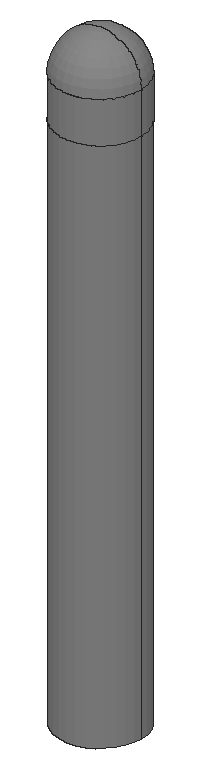
Revit family
Parameters (values of type "100 mm dia.")
  Bollard Material = Metal-Paint Finish
  Bollard Height = 650 mm
Reference planes
  plane 1 "Center (Front/Back)": y = 0
  plane 2: z = 0
  plane 3 "Center (Left/Right)": x = 0
  plane 4: z = 650
  plane 5: z = 750
  plane 6: x = -50
  plane 7: x = 50
  plane 8: y = 50
  plane 9: y = -50
Forms (mm)
  Extrusion 1, solid, material "Metal-Paint Finish" <- "Bollard Material"
    sketch origin (0, 0, 0) x (1, 0, 0) y (0, 1, 0)
      loop
        circle (0, 0) r 50
    from 0 to 650
  Revolve 2, solid, material "Metal-Paint Finish" <- "Bollard Material"
    sketch origin (0, 0, 0) x (1, 0, 0) y (0, 0, 1)
      loop
        line (-50, 650) -> (0, 650) -> (0, 750)
        arc (0, 750) -> (-35.355, 735.355) -> (-50, 700) r 50
        line (-50, 700) -> (-50, 650)
      axis (0, 750) -> (0, 650)
    angle from 0 to 360
Lines and regions (mm)
  symbolic lines
    curve 1: arc (-50, 0, 0) -> (0, 50, 0) -> (50, 0, 0) r 50
    curve 2: arc (50, 0, 0) -> (0, -50, 0) -> (-50, 0, 0) r 50
Dimensions and locks
  "Bollard Height": plane 4 to level
  locked: plane 5 to plane 4 at 100
  plane 5 to level = 750 mm
  plane 6 to plane 7 = 100 mm
  plane 9 to plane 8 = 100 mm
  aligned and locked: plane 4 to Extrusion 1
  aligned and locked: Revolve 2 sketch curve to Extrusion 1  (x2)
  aligned and locked: plane 5 to Revolve 2
  aligned and locked: plane 6 to Revolve 2
  aligned and locked: plane 7 to Revolve 2
Automatic sketch dimensions
  Extrusion 1 sketch curve to plane 1 "Center (Front/Back)" = 0 mm
  Extrusion 1 sketch curve to plane 3 "Center (Left/Right)" = 0 mm
  Revolve 2 sketch curve to plane 3 "Center (Left/Right)" = 0 mm  (x2)
  Revolve 2 sketch curve to plane 3 "Center (Left/Right)" = 50 mm
  Revolve 2 sketch curve to Revolve 2 sketch curve = 340 mm
  plane 4 to Revolve 2 sketch curve = 50 mm
  Revolve 2 sketch curve to Revolve 2 sketch curve = 220 mm
  curve 1 to plane 1 "Center (Front/Back)" = 0 mm
  curve 1 to plane 6 = 0 mm
  curve 2 to plane 3 "Center (Left/Right)" = 0 mm
  radius of Extrusion 1 sketch curve = 50 mm
